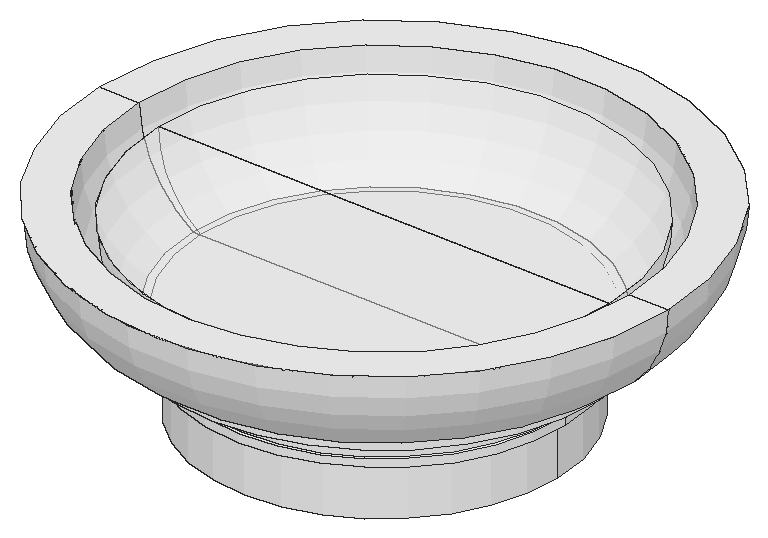
Revit family "HBL", category Lighting Fixtures, host Face, Revit 2021
Family settings
  Host = Face
  Round Connector Dimension = Use Diameter
  Part Type = Normal
  OmniClass Number = 23.80.70.14.14
  OmniClass Title = Exterior Floodlights
  Cut with Voids When Loaded = No
  Light Source = No
  Shared = No
  Room Calculation Point = No
Parameters (values of type "HBL - WH")
  Voltage = "120 - 277V"
  URL = "https://www.currentlighting.com/columbia"
  Total Input Wattage = "112 - 169W"
  Product Page URL = ""
  Product Documentation Link = ""
  Photometrics = Web HBL : HBL-48LU-5K-A-070
  Model = "Heavy industrial, cast aluminum LED Highbay"  # constant formula
  Manufacturer = "Columbia Lighting"  # constant formula
  Lens = White Glass
  Lamp = ""
  Finish = White
  Description = "The Current LED Highbay is designed to efficiently light any\r\nlarge interior space such as heavy industrial settings, warehouses,\r\ngyms, churches, swimming pools/natatorium and shopping malls"  # constant formula
  Default Elevation = 48.000"
  Apparent Load = 0 VA
Types (3): name | Voltage | Total Input Wattage | Lamp | Finish
  HBL - BL | "" | "" | "LED" | Black
  HBL - WH | "120 - 277V" | "112 - 169W" | "" | White
  HBL - GR | "" | "" | "" | Gray
Reference planes (in)
  plane 1 "Center (Front/Back)": y = 0
  plane 2: z = 0
  plane 3 "Center (Left/Right)": x = 0
  plane 4: z = 4.30428
Dimensions and locks (in)
  aligned and locked: plane 2 to host face
  aligned and locked: level to host face
  aligned and locked: plane 3 "Center (Left/Right)" to nested 2
  aligned and locked: plane 1 "Center (Front/Back)" to nested 2
Nested families (in)
  nested 1: "Web HBL" at (0.42775, -0.03999, 4.30428), type <- "Photometrics", type "HBL-48LU-5K-A-070"
  nested 2: "HBL" at (0, 0, 0), Lens <- "Lens", Finish <- "Finish", type "HBL"
    with Lens White Glass, Finish White
Connectors (in)
  electrical at (0, 0, 0), driven by "Description"
    settings: index 1, voltage 120 V, apparent load 0 VA, apparent load phase1 0 VA, apparent load phase2 0 VA, apparent load phase3 0 VA, power factor 1, load classification "Other", number of poles 1, system type 30, power factor state 1, is connector primary yes, connector utility no, sub classification motor no, connector description "The Current LED Highbay is designed to efficiently light any\r\nlarge interior space such as heavy industrial settings, warehouses,\r\ngyms, churches, swimming pools/natatorium and shopping malls"
Definition of nested family "HBL"
  Parameters
    URL = "http://www.hubbellindustrial.com/"
    Product Page URL = "http://www.hubbellindustrial.com/products/led_highbay"
    Product Documentation Link = ""
    Manufacturer Phone = "1-864-678-1000"  # constant formula
    Manufacturer Fax = ""
    Manufacturer = "Hubbell Industrial Lighting"  # constant formula
    Lens [instance] = none
    Finish [instance] = none
    Default Elevation = 48.000"
    C = 6.000"
    B = 11.000"
    A = 18.000"
  Reference planes (in)
    plane 1 "Center (Front/Back)": y = 0
    plane 2: z = 0
    plane 3 "Center (Left/Right)": x = 0
    plane 4: x = -9
    plane 5: x = 9
    plane 6: x = -5.5
    plane 7: x = 5.5
    plane 8: z = 6
    plane 9: x = 7.75
    plane 10: x = -7.75
    plane 11: x = 7.14024
    plane 12: x = -7.14024
    plane 13: z = 5.5
  Forms (in)
    Revolve 1, solid, material <- "Finish"
      sketch origin (0, 0, 0) x (1, 0, 0) y (0, 0, 1)
        loop
          line (0, 0) -> (5.5, 0) -> (5.5, 1.58877) -> (5.75, 1.58877) -> (5.75, 1.83877) -> (5.64746, 1.83877) -> (5.64746, 2.6803) -> (6.81772, 2.6803) -> (6.81772, 2.9466)
          arc (6.81772, 2.9466) -> (8.39363, 4.11682) -> (9, 5.9837) r 3.22725
          line (9, 5.9837) -> (7.75005, 5.9837)
          arc (7.75005, 5.9837) -> (7.29394, 4.23201) -> (6.05317, 2.91409) r 3.65437
          line (6.05317, 2.91409) -> (0, 2.91409) -> (0, 0)
        axis (0, 5.9837) -> (0, 0)
      angle from 0 to 360
    Revolve 2, solid, material <- "Lens"
      sketch origin (0, 0, 0) x (1, 0, 0) y (0, 0, 1)
        loop
          line (7.14054, 5.5) -> (0, 5.5) -> (0, 2.91409) -> (5.79857, 2.91409)
          arc (5.79857, 2.91409) -> (6.78507, 4.04331) -> (7.14054, 5.5) r 3.16245
        axis (0, 5.5) -> (0, 2.91409)
      angle from 0 to 360
  Dimensions and locks (in)
    equal spacing: plane 4, plane 3 "Center (Left/Right)", plane 5
    "A": plane 4 to plane 5
    equal spacing: plane 6, plane 3 "Center (Left/Right)", plane 7
    "B": plane 6 to plane 7
    "C": plane 8 to plane 2
    locked: plane 8 to plane 13 at 0.5
    aligned and locked: plane 2 to level
    aligned and locked: Revolve 1 sketch curve to plane 3 "Center (Left/Right)"
    aligned and locked: plane 8 to Revolve 1 sketch curve  (x2)
    aligned and locked: plane 5 to Revolve 1 sketch curve
    aligned and locked: plane 7 to Revolve 1 sketch curve
    aligned and locked: Revolve 1 sketch curve to Revolve 1 sketch curve
    aligned and locked: Revolve 1 sketch curve to level
    aligned and locked: plane 13 to Revolve 2 sketch curve  (x2)
    aligned and locked: Revolve 2 sketch curve to plane 3 "Center (Left/Right)"  (x2)
    aligned and locked: Revolve 2 sketch curve to Revolve 1
  Automatic sketch dimensions
    Revolve 1 sketch curve to plane 7 = 1.40429"
    plane 7 to Revolve 1 sketch curve = 0.14746"
    plane 7 to Revolve 1 sketch curve = 0.250"
    plane 7 to Revolve 1 sketch curve = 0.2728"
    Revolve 1 sketch curve to Revolve 1 sketch curve = 0.4057"
    Revolve 1 sketch curve to plane 11 = 0.32252"
    plane 9 to Revolve 1 sketch curve = 0.00005"
    Revolve 1 sketch curve to level = 24.000"
    Revolve 1 sketch curve to Revolve 1 sketch curve = 1.58877"
    Revolve 1 sketch curve to Revolve 1 sketch curve = 0.250"
    Revolve 1 sketch curve to Revolve 1 sketch curve = 0.84153"
    Revolve 1 sketch curve to Revolve 1 sketch curve = 2.91409"
    plane 8 to Revolve 1 sketch curve = 96.71882"
    plane 7 to Revolve 2 sketch curve = 0.29857"
    plane 11 to Revolve 2 sketch curve = 0.0003"
    Revolve 2 sketch curve to level = 24.000"
    plane 8 to Revolve 2 sketch curve = 96.71882"
Definition of nested family "Web HBL"
  Parameters
    Wattage Comments = ""
    Wattage = 32 W
    built-in parameter 1150110 = 1 (stored number, unit not read)
    URL = "http://www.spauldinglighting.com/"
    built-in parameter 1114217 = 1 (stored number, unit not read)
    Tilt Angle = 0.00°
    built-in parameter 1150109 = 1 (stored number, unit not read)
    built-in parameter 1150134 = (empty or 0)
    built-in parameter 1150113 = 1 (stored number, unit not read)
    Product Page URL = ""
    Product Documentation Link = ""
    Photometric Web File = "HBL-72LU-5K-W-070-WH.ies"
    Model = ""
    Manufacturer Phone = "1-864-678-1000"  # constant formula
    Manufacturer Fax = ""
    Manufacturer = "Hubbell Industrial Lighting"  # constant formula
    built-in parameter 1150105 = 206.9 (stored number, unit not read)
    Lumens = 2600 lm
    built-in parameter 1150115 = 1 (stored number, unit not read)
    built-in parameter 1150137 = (empty or 0)
    built-in parameter 1150139 = (empty or 0)
    built-in parameter 1150112 = 1 (stored number, unit not read)
    built-in parameter 1150114 = 1 (stored number, unit not read)
    Lamp = ""
    built-in parameter 1150132 = (empty or 0)
    built-in parameter 1150102 = (empty or 0)
    built-in parameter 1150107 = 3000 (stored number, unit not read)
    built-in parameter 1150138 = (empty or 0)
    built-in parameter 1150106 = 2.069 (stored number, unit not read)
    built-in parameter 1150104 = 7.5484 (stored number, unit not read)
    Dimming Lamp Color Temperature Shift = (empty or 0)
    Description = ""
    Default Elevation = 48.000"
    Color Filter = 16777215
    built-in parameter 1114218 = 1 (stored number, unit not read)
    built-in parameter 1150133 = 10 (stored number, unit not read)
  Reference planes (in)
    plane 1 "Center (Front/Back)": y = 0.03999
    plane 2: z = 0
    plane 3 "Center (Left/Right)": x = -0.23896
  Forms (in)
    Extrusion 1, solid
      sketch origin (0, 0, 0.06357) x (1, 0, 0) y (0, 1, 0)
        loop
          line (-48, 48) -> (-48, -48) -> (48, -48) -> (48, 48) -> (-48, 48)
      from -0.06357 to -17.74365
  Lines and regions (in)
    reference lines
      curve 1: line (-0.23896, 0.03999, 18.11448) -> (-0.23896, 0.03999, -22.88552)
      curve 2: line (-0.23896, 0.03999, 34) -> (-0.23896, 0.03999, -22.88552)
  Dimensions and locks (in)
    aligned and locked: plane 2 to Extrusion 1
    aligned and locked: level to Extrusion 1
    aligned and locked: curve 1 to plane 3 "Center (Left/Right)"
    aligned and locked: plane 1 "Center (Front/Back)" to curve 2
